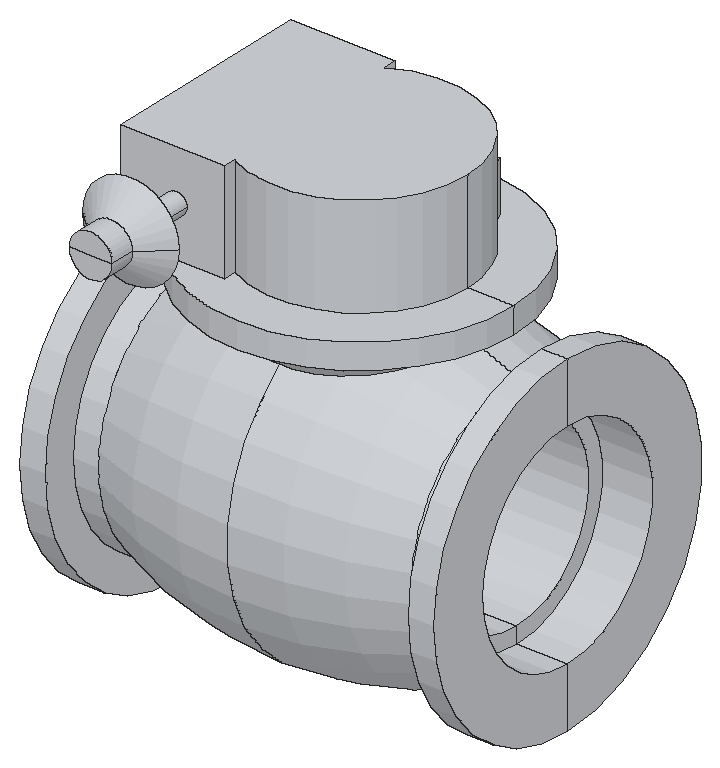
Revit family "bbe1123e9f884eeabbb868c530f06ccb", category Pipe Accessories, Revit 2021
Family settings
  Round Connector Dimension = Use Radius
  Part Type = Valve - Breaks Into
  OmniClass Number = 23.65.55.14.17
  OmniClass Title = Adjusting/Controlling Valves for Liquid Services
  Work Plane-Based = No
  Always vertical = Yes
  Cut with Voids When Loaded = No
  Shared = No
Parameters (values of type "10"")
  Width 2 = Width 1 / 2  # 9.690"
  Width 1 = Length  # 19.380"
  Width = 15.630"
  Valve Material = none
  URL = ""
  Type Comments = ""
  Symbol Radius = Symbol Length * 2 / 3  # 3.72968"
  Radius 1 = Nominal Radius - 0.19922"  # 4.80078"
  Pipe Radius = 1.6 * Nominal Radius  # 8.000"
  Nominal Radius = 5"
  Nominal Diameter = Nominal Radius * 2  # 10"
  Symbol Length = tan(30.00°) * Width 1 / 2  # 5.59452"
  Model = ""
  Manufacturer = ""
  Length = 19.380"
  K Coefficient = 3.48
  Height = 15.5625"
  Flange Thickness = 1.190"
  Flange Radius = Flange Diameter / 2  # 7.815"
  Flange Diameter = 15.630"
  Description = ""
  Default Elevation = 0.000"
  CALC_G = 6.21875"
  Bonnet Radius = 0.35 * Length  # 6.783"
  Bonnet Diameter = Bonnet Radius * 2  # 13.566"
  Assembly Code = ""
  Actuator Material = none
  Actuator Vertical Offset = 9.130"
  Actuator Flange Radius = 7.190"
  Actuator = Actuator : 10-12
  Actual Valve Water Flow = 0 GPM
Types (13): name | Width 2 | Width 1 | Width | Symbol Radius | Radius 1 | Pipe Radius | Nominal Radius | Nominal Diameter | Symbol Length | Length | Height | Flange Thickness | Flange Radius | Flange Diameter | CALC_G | Bonnet Radius | Bonnet Diameter | Actuator Vertical Offset | Actuator Flange Radius | Actuator
  10" | 9.690" | 19.380" | 15.630" | 3.72968" | 4.80078" | 8.000" | 5" | 10" | 5.59452" | 19.380" | 15.5625" | 1.190" | 7.815" | 15.630" | 6.21875" | 6.783" | 13.566" | 9.130" | 7.190" | Actuator : 10-12
  36" | 30.000" | 60.000" | 43.750" | 11.54701" | 17.80078" | 28.800" | 18" | 36" | 17.32051" | 60.000" | 45.875" | 2.380" | 21.875" | 43.750" | 20.8125" | 21.000" | 42.000" | 27.630" | 12.880" | Actuator : MLF60/S5
  30" | 25.500" | 51.000" | 39.150" | 9.81495" | 14.80078" | 24.000" | 15" | 30" | 14.72243" | 51.000" | 39.000" | 2.120" | 19.575" | 39.150" | 17.375" | 17.850" | 35.700" | 23.440" | 9.870" | Actuator : MFJ50/S5
  24" | 21.000" | 42.000" | 31.500" | 8.0829" | 11.80078" | 19.200" | 12" | 24" | 12.12436" | 42.000" | 31.5625" | 1.880" | 15.750" | 31.500" | 14.21875" | 14.700" | 29.400" | 19.380" | 9.870" | Actuator : MFJ50/S5
  20" | 15.500" | 31.000" | 27.060" | 5.96595" | 9.80078" | 16.000" | 10" | 20" | 8.94893" | 31.000" | 27.09375" | 1.500" | 13.530" | 27.060" | 11.95313" | 10.850" | 21.700" | 18.080" | 9.000" | Actuator : 18-20
  18" | 14.625" | 29.250" | 24.940" | 5.62917" | 8.80078" | 14.400" | 9" | 18" | 8.44375" | 29.250" | 24.6875" | 1.440" | 12.470" | 24.940" | 10.90625" | 10.2375" | 20.475" | 14.640" | 8.000" | Actuator : 18-20
  16" | 13.625" | 27.250" | 22.560" | 5.24426" | 7.80078" | 12.800" | 8" | 16" | 7.8664" | 27.250" | 22.5625" | 1.380" | 11.280" | 22.560" | 9.71875" | 9.5375" | 19.075" | 13.450" | 7.000" | Actuator : 14-16
  14" | 12.250" | 24.500" | 20.310" | 4.71503" | 6.80078" | 11.200" | 7" | 14" | 7.07254" | 24.500" | 20.3125" | 1.310" | 10.155" | 20.310" | 8.59375" | 8.575" | 17.150" | 12.700" | 6.000" | Actuator : 14-16
  12" | 10.375" | 20.750" | 17.940" | 3.99334" | 5.80078" | 9.600" | 6" | 12" | 5.99001" | 20.750" | 17.9375" | 1.250" | 8.970" | 17.940" | 7.28125" | 7.2625" | 14.525" | 10.810" | 7.875" | Actuator : 10-12
  8" | 8.690" | 17.380" | 13.380" | 3.34478" | 3.80078" | 6.400" | 4" | 8" | 5.01717" | 17.380" | 13.250" | 1.130" | 6.690" | 13.380" | 5.125" | 6.083" | 12.166" | 7.380" | 6.190" | Actuator : 8
  6" | 7.875" | 15.750" | 11.130" | 3.03109" | 2.80078" | 4.800" | 3" | 6" | 4.54663" | 15.750" | 11.000" | 1.060" | 5.565" | 11.130" | 4.000" | 5.5125" | 11.025" | 5.560" | 5.375" | Actuator : 3-6
  4" | 7.125" | 14.250" | 9.130" | 2.74241" | 1.80078" | 3.200" | 2" | 4" | 4.11362" | 14.250" | 9.000" | 1.000" | 4.565" | 9.130" | 3.000" | 4.9875" | 9.975" | 4.310" | 4.620" | Actuator : 3-6
  3" | 5.750" | 11.500" | 7.630" | 2.21318" | 1.30078" | 2.400" | 1 1/2" | 3" | 3.31976" | 11.500" | 9.000" | 0.940" | 3.815" | 7.630" | 2.000" | 4.025" | 8.050" | 3.340" | 3.250" | Actuator : 3-6
Reference planes (in)
  plane 1 "Center (Front/Back)": y = 0
  plane 2: z = 0
  plane 3 "Center (Left/Right)": x = 0
  plane 4 "Left": x = -9.69
  plane 5 "Right": x = 9.69
  plane 6: x = -7.31
  plane 7: x = 7.31
  plane 8: y = 5.59452
  plane 9 "Flange Top": z = 7.815
  plane 10 "inside flange left": x = -8.5
  plane 11 "inside flange right": x = 8.5
  plane 12: x = -3.655
  plane 13: x = 3.655
  plane 14: z = 6.21875
  plane 15: y = -5.59452
  plane 16: z = 9.13
Forms (in)
  Extrusion 1, solid, not visible, detail levels coarse+medium
    sketch origin (0, 0, 0) x (0, 1, 0) y (0, 0, 1)
      loop
        circle (0, 0) r 8
    from -9.69 to 9.69
  Revolve 2, solid, material <- "Valve Material", detail levels fine
    sketch origin (0, 0, 0) x (1, 0, 0) y (0, 0, 1)
      loop
        line (-9.69, 5) -> (-7.31, 5) -> (-7.31, 4.25) -> (-3.655, 4.25) -> (-3.655, 0) -> (3.655, 0) -> (3.655, 4.25) -> (7.31, 4.25) -> (7.31, 5) -> (9.69, 5) -> (9.69, 7.815) -> (8.5, 7.815) -> (8.5, 6.21875) -> (7.31, 6.21875)
        arc (7.31, 6.21875) -> (3.74113, 7.41129) -> (0, 7.815) r 17.53614
        arc (0, 7.815) -> (-3.74113, 7.41129) -> (-7.31, 6.21875) r 17.53614
        line (-7.31, 6.21875) -> (-8.5, 6.21875) -> (-8.5, 7.815) -> (-9.69, 7.815) -> (-9.69, 5)
      axis (-9.69, 0) -> (9.69, 0)
    angle from 0 to 360
  Revolve 3, solid, material <- "Valve Material", detail levels fine
    sketch origin (0, 0, 0) x (1, 0, 0) y (0, 0, 1)
      loop
        line (0, 9.13) -> (-7.19, 9.13) -> (-7.19, 7.94) -> (-6, 7.94) -> (0, 0) -> (0, 9.13)
      axis (0, 9.13) -> (0, 0)
    angle from 0 to 360
Lines and regions (in)
  model lines, detail levels coarse+medium
    curve 1: line (-9.69, -5.59452, 0) -> (-9.69, 5.59452, 0)
    curve 2: line (-9.69, 5.59452, 0) -> (9.69, -5.59452, 0)
    curve 3: line (9.69, -5.59452, 0) -> (9.69, 5.59452, 0)
    curve 4: circle (0, 0, 0) r 3.72968 normal (0, 0, 1)
Dimensions and locks (in)
  "Width 2": plane 4 "Left" to plane 3 "Center (Left/Right)"
  "Width 2": plane 3 "Center (Left/Right)" to plane 5 "Right"
  "Symbol Length": plane 8 to plane 1 "Center (Front/Back)"
  "Flange Radius": plane 9 "Flange Top" to plane 2
  "Flange Thickness": plane 4 "Left" to plane 10 "inside flange left"
  "Flange Thickness": plane 11 "inside flange right" to plane 5 "Right"
  equal spacing: plane 6, plane 12, plane 3 "Center (Left/Right)"
  equal spacing: plane 3 "Center (Left/Right)", plane 13, plane 7
  "CALC_G": plane 14 to plane 2
  "Nominal Radius": Revolve 2 sketch curve to Revolve 2 sketch curve  (x2)
  "Symbol Length": plane 15 to plane 1 "Center (Front/Back)"
  locked: Revolve 2 sketch curve to Revolve 2 sketch curve at 0.75
  "Actuator Vertical Offset": plane 2 to plane 16
  "Actuator Flange Radius": plane 3 "Center (Left/Right)" to Revolve 3 sketch curve
  "Flange Thickness": Revolve 3 sketch curve to Revolve 3 sketch curve
  "Flange Thickness": plane 10 "inside flange left" to plane 6
  "Flange Thickness": plane 7 to plane 11 "inside flange right"
  "Flange Thickness": plane 16 to Revolve 3 sketch curve
  "Pipe Radius": radius of Extrusion 1 sketch curve
  "Symbol Radius": radius of curve 4
  aligned and locked: plane 1 "Center (Front/Back)" to Extrusion 1 sketch curve
  aligned and locked: plane 2 to Extrusion 1 sketch curve
  aligned and locked: Extrusion 1 to plane 4 "Left"
  aligned and locked: plane 5 "Right" to Extrusion 1
  aligned and locked: plane 3 "Center (Left/Right)" to nested 1
  aligned and locked: plane 1 "Center (Front/Back)" to nested 1
  aligned and locked: plane 3 "Center (Left/Right)" to curve 4
  aligned and locked: plane 1 "Center (Front/Back)" to curve 4
  aligned and locked: Revolve 2 sketch curve to plane 9 "Flange Top"  (x2)
  aligned and locked: Revolve 2 sketch curve to plane 10 "inside flange left"
  aligned and locked: Revolve 2 sketch curve to plane 11 "inside flange right"
  aligned and locked: Revolve 2 sketch curve to plane 2
  aligned and locked: Revolve 2 sketch curve to Revolve 2 sketch curve  (x2)
  aligned and locked: plane 15 to curve 3
  aligned and locked: plane 15 to curve 1
  aligned and locked: Revolve 3 sketch curve to plane 3 "Center (Left/Right)"  (x2)
  aligned and locked: plane 16 to Revolve 3 sketch curve
  aligned and locked: plane 3 "Center (Left/Right)" to Revolve 2 sketch curve
  aligned and locked: plane 9 "Flange Top" to Revolve 2 sketch curve
  aligned and locked: plane 7 to Revolve 2 sketch curve
  aligned and locked: plane 6 to Revolve 2 sketch curve
  aligned and locked: Revolve 2 sketch curve to plane 14
  aligned and locked: plane 14 to Revolve 2 sketch curve
  aligned and locked: plane 16 to nested 2
Automatic sketch dimensions
  curve 1 to plane 4 "Left" = 0.000"
  curve 3 to plane 5 "Right" = 0.000"
  curve 3 to plane 8 = 0.000"
  curve 2 to plane 8 = 0.000"
  Revolve 3 sketch curve to level = 0.000"
  Revolve 3 sketch curve to Revolve 3 sketch curve = 38.400"
  plane 9 "Flange Top" to Revolve 3 sketch curve = 9.400"
  Revolve 2 sketch curve to plane 4 "Left" = 0.000"
  Revolve 2 sketch curve to plane 6 = 0.000"
  Revolve 2 sketch curve to plane 12 = 0.000"
  plane 13 to Revolve 2 sketch curve = 0.000"
  Revolve 2 sketch curve to plane 7 = 0.000"
  Revolve 2 sketch curve to plane 5 "Right" = 0.000"
  Revolve 2 sketch curve to plane 4 "Left" = 1.750"
  plane 5 "Right" to Revolve 2 sketch curve = 3.750"
Nested families (in)
  nested 1: "Butterfly Valve - Detail Component" at (0, 0, 0), type "Butterfly Valve - Detail Component", detail levels coarse+medium
    with Radius 3.72968"
  nested 2: "Actuator" at (-0.28525, 0, 9.13), type <- "Actuator", Actuator Material <- "Actuator Material", type "10-12"
    with Actuator Material none, Actuator Right Offset 5.000", Actuator Rear Offset 5.000", Actuator Length 10.000", Actuator Left Offset 7.250", Actuator Gear Width 2.500", Actuator Front Offset 2.500"
Connectors (in)
  piping at (-9.69, 0, 0), diameter 10, driven by "Nominal Radius", driven by "K Coefficient"
    settings: on Extrusion 1, index 1, connector inside diameter 10", connector length 0.000", flow factor 0, pipe flow 0 GPM, pressure drop 0.00 psi, fitting loss kfactor 3.48, connector angle 0.00°, fixture units 0, engagement length 0.000", angle of deflection 0.00°, flow configuration 0, flow direction 0, fitting loss method 2, system type 29, joint type 0, gender type 0, connector reference index 2, connector utility 0, adjustable connector no, is connector primary yes, connector description ""
  piping at (9.69, 0, 0), diameter 10, driven by "K Coefficient", driven by "Nominal Radius", driven by "Actual Valve Water Flow"
    settings: on Extrusion 1, index 2, connector inside diameter 10", connector length 0.000", flow factor 0, pipe flow 0 GPM, pressure drop 0.00 psi, fitting loss kfactor 3.48, connector angle 0.00°, fixture units 0, engagement length 0.000", angle of deflection 0.00°, flow configuration 0, flow direction 0, fitting loss method 2, system type 29, joint type 0, gender type 0, connector reference index 1, connector utility 0, adjustable connector no, is connector primary no, connector description ""
Definition of nested family "Actuator"
  Parameters
    Nut Width = 2.000"
    Nut Sholder Width = 4.500"
    Nut Length = 2.350"
    Default Elevation = 0.000"
    Assembly Code = ""
    Actuator Top Offset = 2.360"
    Actuator Shaft Center Offset = 4.630"
    Actuator Offset Height = 2.360"
    Actuator Right Offset = 7.000"
    Actuator Rear Offset = 7.000"
    Actuator Material [instance] = none
    Actuator Length = 12.000"
    Actuator Left Offset = 9.250"
    Actuator Gear Width = 3.500"
    Actuator Front Offset = 3.500"
  Reference planes (in)
    plane 1 "Center (Front/Back)": y = 0
    plane 2: z = 0
    plane 3 "Actuator Center": x = 0.28525
    plane 4: x = -2.09475
    plane 5: x = 7.28525
    plane 6: x = -8.96475
    plane 7: y = 7
    plane 8: y = -3.5
    plane 9: y = -9.65
    plane 10: y = -12
    plane 11 "Nut Center": z = 2.36
    plane 12: x = 3.78525
    plane 13: x = -3.21475
    plane 14: y = 1.75
    plane 15: y = -1.75
    plane 16: x = -4.34475
    plane 17: x = -3.34475
    plane 18: x = -6.59475
    plane 19: x = -5.34475
    plane 20: y = -10.825
    plane 21: x = -4.84475
    plane 22: y = -7
    plane 23: z = 4.72
  Forms (in)
    Extrusion 1, solid, material <- "Actuator Material", detail levels fine
      sketch origin (0, 0, 0) x (1, 0, 0) y (0, 1, 0)
        loop
          line (-3.21475, 7) -> (-8.96475, 1.75) -> (-8.96475, -1.75) -> (-3.21475, -3.5) -> (3.78525, -3.5) -> (7.28525, 0) -> (3.78525, 7) -> (-3.21475, 7)
      from 2.36 to 0
    Extrusion 2, solid, material <- "Actuator Material", detail levels fine
      sketch origin (0, 0, 0) x (1, 0, 0) y (0, 1, 0)
        loop
          line (-8.96475, 7) -> (-8.96475, -7) -> (-2.09475, -7) -> (-2.09475, 7) -> (-8.96475, 7)
      from 0 to 4.72
    Extrusion 3, solid, material <- "Actuator Material", detail levels fine
      sketch origin (0, 0, 0) x (1, 0, 0) y (0, 1, 0)
        loop
          circle (0.28525, 0) r 7
      from 0 to 4.72
    Revolve 4, solid, material <- "Actuator Material", detail levels fine
      sketch origin (0, 0, 2.36) x (-1, 0, 0) y (0, -1, 0)
        loop
          line (6.59475, 9.65) -> (5.34475, 10.825) -> (5.34475, 12) -> (4.34475, 12) -> (4.34475, 3.5) -> (4.84475, 3.5) -> (4.84475, 9.65) -> (6.59475, 9.65)
        axis (4.34475, 3.5) -> (4.34475, 12)
      angle from 0 to 360
  Cuts and joins
    joined: Extrusion 1, Extrusion 2, Extrusion 3, Revolve 4
  Dimensions and locks (in)
    "Actuator Right Offset": plane 3 "Actuator Center" to plane 5
    "Actuator Left Offset": plane 6 to plane 3 "Actuator Center"
    "Actuator Front Offset": plane 8 to plane 1 "Center (Front/Back)"
    "Actuator Rear Offset": plane 1 "Center (Front/Back)" to plane 7
    "Nut Length": plane 9 to plane 10
    equal spacing: plane 3 "Actuator Center", plane 12, plane 5
    "Actuator Front Offset": plane 13 to plane 3 "Actuator Center"
    equal spacing: plane 15, plane 1 "Center (Front/Back)", plane 14
    "Actuator Front Offset": plane 14 to plane 15
    "Actuator Shaft Center Offset": plane 16 to plane 3 "Actuator Center"
    equal spacing: plane 18, plane 16, plane 4
    "Nut Sholder Width": plane 18 to plane 4
    equal spacing: plane 19, plane 16, plane 17
    "Nut Width": plane 19 to plane 17
    equal spacing: plane 9, plane 20, plane 10
    equal spacing: plane 19, plane 21, plane 16
    "Actuator Gear Width": plane 8 to plane 22
    "Actuator Length": plane 10 to plane 1 "Center (Front/Back)"
    "Actuator Offset Height": plane 11 "Nut Center" to plane 2
    "Actuator Top Offset": plane 23 to plane 11 "Nut Center"
    "Actuator Right Offset": radius of Extrusion 3 sketch curve
    aligned and locked: Extrusion 1 sketch curve to plane 7
    aligned: Extrusion 1 to plane 11 "Nut Center"
    aligned and locked: Extrusion 2 sketch curve to plane 4
    aligned: Extrusion 2 to plane 11 "Nut Center"
    aligned: Extrusion 1 to plane 2
    aligned: Extrusion 3 to plane 11 "Nut Center"
    aligned: Extrusion 3 to plane 2
    aligned: Extrusion 2 to plane 2
    aligned and locked: Extrusion 2 sketch curve to plane 7
    aligned and locked: plane 16 to Revolve 4 sketch curve
    aligned and locked: Revolve 4 sketch curve to plane 19
    aligned and locked: plane 9 to Revolve 4 sketch curve
    aligned and locked: Revolve 4 sketch curve to plane 16
    aligned and locked: plane 11 "Nut Center" to cut or joined group of Extrusion 1, Extrusion 2, Extrusion 3, Revolve 4
    aligned and locked: plane 6 to Extrusion 2 sketch curve
    aligned and locked: cut or joined group of Extrusion 1, Extrusion 2, Extrusion 3, Revolve 4 to plane 22
    aligned and locked: Revolve 4 sketch curve to plane 8
    aligned and locked: cut or joined group of Extrusion 1, Extrusion 2, Extrusion 3, Revolve 4 to plane 2
    aligned and locked: plane 23 to cut or joined group of Extrusion 1, Extrusion 2, Extrusion 3, Revolve 4
    aligned and locked: plane 2 to cut or joined group of Extrusion 1, Extrusion 2, Extrusion 3, Revolve 4
    aligned and locked: cut or joined group of Extrusion 1, Extrusion 2, Extrusion 3, Revolve 4 to plane 23
  Automatic sketch dimensions
    Extrusion 1 sketch curve to plane 6 = 0.000"
    Extrusion 1 sketch curve to plane 13 = 0.000"  (x2)
    Extrusion 1 sketch curve to plane 8 = 0.000"
    Extrusion 1 sketch curve to plane 12 = 0.000"  (x2)
    plane 1 "Center (Front/Back)" to Extrusion 1 sketch curve = 0.000"
    Extrusion 1 sketch curve to plane 5 = 0.000"
    plane 15 to Extrusion 1 sketch curve = 0.000"
    Extrusion 1 sketch curve to plane 14 = 0.000"
    Revolve 4 sketch curve to plane 21 = 0.000"
    Revolve 4 sketch curve to plane 18 = 0.000"
    Revolve 4 sketch curve to plane 20 = 0.000"
    Revolve 4 sketch curve to plane 10 = 0.000"
    plane 7 to Revolve 4 sketch curve = 3.25256"
    Revolve 4 sketch curve to plane 10 = 5.29226"
    plane 1 "Center (Front/Back)" to Extrusion 3 sketch curve = 0.000"
    Extrusion 3 sketch curve to plane 3 "Actuator Center" = 0.000"
    Extrusion 2 sketch curve to plane 8 = 3.500"
Definition of nested family "Butterfly Valve - Detail Component"
  Parameters
    Radius = 25.000"
  Reference planes (in)
    plane 1 "Center (Front/Back)": y = 0
    plane 2: z = 0
    plane 3 "Center (Left/Right)": x = 0
  Lines and regions (in)
    Filled region 1, type "Concrete Block", in view "Ref. Level"
      outline origin (0, 0, 0) x (1, 0, 0) y (0, 1, 0)
        loop
          circle (0, 0) r 25
  Dimensions and locks (in)
    "Radius": radius of Filled region 1 sketch curve
    aligned and locked: plane 3 "Center (Left/Right)" to Filled region 1 sketch curve
    aligned and locked: plane 1 "Center (Front/Back)" to Filled region 1 sketch curve
